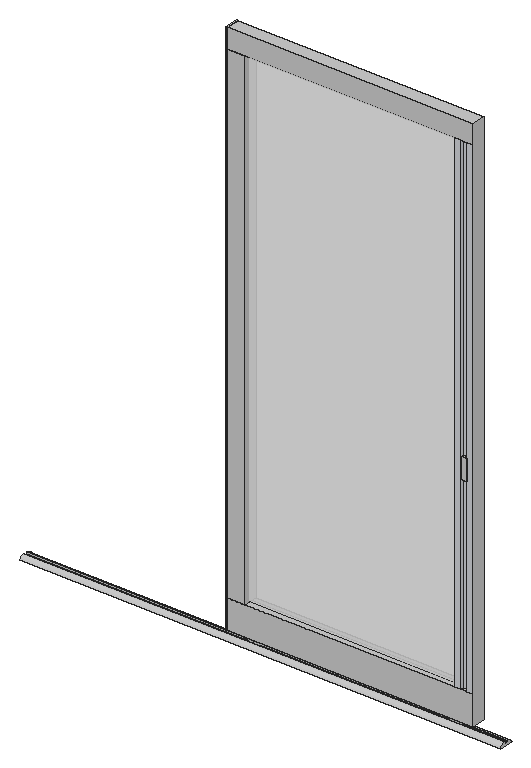
Revit family "Haworth_UniGroupToo_Panel_DoorSliding", category Furniture Systems, Revit 2018
Family settings
  Round Connector Dimension = Use Diameter
  Part Type = Normal
  OmniClass Number = 23.40.70.14.64.21
  OmniClass Title = Systems Furniture
  Work Plane-Based = No
  Always vertical = Yes
  Cut with Voids When Loaded = No
  Shared = No
  Room Calculation Point = No
Parameters (values of type "36w 80h")
  Width = 36"
  Warranty = "http://www.haworth.com/resources/product-info/warranties"
  URL - Product = "http://www.haworth.com/products/workspaces/panel-based/unigroup-too"
  URL = "www.haworth.com"
  Trim Finish = Haworth _ Metal _ Brushed Aluminum
  Trim Depth = 2"  # constant formula
  Top Trim Height = 2 3/4"  # constant formula
  Sustainability Info = "http://www.haworth.com/company-info/sustainability"
  Slide Offset Right = 4"  # constant formula
  Slide Offset Left = if(Actual Width > 37", 36", 30")  # 30"
  Size = "Verify Final Dim. w/ Haworth"  # constant formula
  Revision Number = "2"  # constant formula
  Raceway Panel Width = Actual Width  # 36"
  Pull Location = 27 3/8"  # constant formula
  Pull Length = 3"  # constant formula
  Notch Width = 109/128"  # constant formula
  Notch Depth = 1/2"  # constant formula
  Caster Reveal Height = 15/16"  # constant formula
  Panel Height = Actual Height - Top Trim Height - Slide Rail Height - Caster Reveal Height  # 75 55/64"
  Offset Front = 4 3/8"  # constant formula
  Model = "Haworth - UniGroup Too - Panel - Door - Sliding"  # constant formula
  Slide Rail Height = 29/64"  # constant formula
  Glazed Trim Sides = 2 3/4"  # constant formula
  Glazed Trim Inset = 3/128"  # constant formula
  Glazed Trim Height = 4 1/4"  # constant formula
  Glaze Inset = 3/4"  # constant formula
  Glass Finish = Haworth _ Glass _ Frosted
  Description = "Haworth - UniGroup Too - Panel - Door - Sliding"  # constant formula
  Custom Size = not(and(or(Width = 36", Width = 42"), or(Height = 64", Height = 72", Height = 80")))  # no
  Panel Depth = 1/2"  # constant formula
  Caster Radius = 2"  # constant formula
  Caster Offset = 3 3/8"  # constant formula
  Caster Bottom Offset = 1/4"  # constant formula
  Arrow Height = Actual Height / 2  # 40"
  Actual Width = if(Width < Min. Width, Min. Width, if(Width > Max. Width, Max. Width, Width))  # 36"
  Actual Height = if(Height < Min. Height, Min. Height, if(Height > Max. Height, Max. Height, Height))  # 80"
  Standard Widths = "36, 42 inches"  # constant formula
  Standard Heights = "64, 72, 80 inches"  # constant formula
  Min. Width = 36"  # constant formula
  Max. Width = 42"  # constant formula
  Min. Height = 64"  # constant formula
  Max. Height = 80"  # constant formula
  Manufacturer = "Haworth"  # constant formula
  Height = 80"
  Bottom Trim Width = 3/8"  # constant formula
  Author = "Haworth (Hampton)"  # constant formula
  Assembly Code = "E2020500"
Reference planes (in)
  plane 1 "Center F/B": y = 0
  plane 2: z = 0.45313
  plane 3 "Center L/R": x = 0.09607
  plane 4 "Left": x = -17.90393
  plane 5 "Right": x = 18.09607
  plane 6 "Front": y = -1
  plane 7 "Back": y = 1
  plane 8 "Raceway Top Back": z = 1.39063
  plane 9 "Top": z = 80
  plane 10 "Notch Front": y = -0.5
  plane 11 "Notch Back": y = 0.5
  plane 12 "Side Trim Left": x = -17.80393
  plane 13 "Side Trim Right": x = 17.99607
  plane 14 "Glazed Trim Back": y = 0.97656
  plane 15 "Glazed Trim Front": y = -0.97656
  plane 16 "Glaze Front": y = -0.25
  plane 17 "Glaze Back": y = 0.25
  plane 18 "Glaze Trim Left": x = -15.15393
  plane 19 "Glaze Trim Right": x = 15.34607
  plane 20 "Glaze Trim Bottom": z = 5.64063
  plane 21 "Glaze Trim Top": z = 77.25
  plane 22 "Notch Left": x = 16.19764
  plane 23 "Notch Right": x = 17.14451
  plane 24 "Pull Bottom": z = 33.01563
  plane 25 "Pull Top": z = 36.01563
  plane 26 "Caster Left": x = -14.52893
  plane 27 "Caster Right": x = 14.72107
  plane 28 "Caster Center": z = 2.25
  plane 29 "Caster Bottom": z = 0.25
  plane 30 "Slide Strip Left": x = -47.90393
  plane 31 "Slide Strip Right": x = 22.09607
  plane 32 "Arrow": z = 40
  plane 33: z = 0
Forms (in)
  Extrusion 1, solid, material "Haworth _ Metal _ Brushed Aluminum" <- "Trim Finish"
    sketch origin (0, -1, 0) x (-1, 0, 0) y (0, 0, 1)
      loop
        line (17.80393, 77.25) -> (15.15393, 77.25) -> (15.15393, 5.64063) -> (17.80393, 5.64063) -> (17.80393, 77.25)
    from 0.02344 to 1.97656
  Extrusion 2, solid, material "Haworth _ Metal _ Brushed Aluminum" <- "Trim Finish"
    sketch origin (0, -1, 0) x (-1, 0, 0) y (0, 0, 1)
      loop
        line (17.80393, 80) -> (-17.99607, 80) -> (-17.99607, 77.25) -> (17.80393, 77.25) -> (17.80393, 80)
      loop
        line (17.80393, 5.64063) -> (-17.99607, 5.64063) -> (-17.99607, 1.39063) -> (17.80393, 1.39063) -> (17.80393, 5.64063)
    from 0.02344 to 1.97656
  Extrusion 3, solid, material "Haworth _ Glass _ Frosted" <- "Glass Finish"
    sketch origin (0, 0, 0) x (1, 0, 0) y (0, 0, 1)
      loop
        line (-15.15393, 77.25) -> (-15.15393, 5.64063) -> (15.34607, 5.64063) -> (15.34607, 77.25) -> (-15.15393, 77.25)
    from -0.25 to 0.25
  Extrusion 4, solid, material "Haworth _ Metal _ Brushed Aluminum" <- "Trim Finish"
    sketch origin (0, 0, 0) x (1, 0, 0) y (0, 1, 0)
      loop
        line (-17.90393, 1) -> (-17.90393, -1) -> (-17.80393, -1) -> (-17.80393, 1) -> (-17.90393, 1)
      loop
        line (17.99607, 1) -> (17.99607, -1) -> (18.09607, -1) -> (18.09607, 1) -> (17.99607, 1)
    from 1.39062 to 80
  Extrusion 5, solid
    sketch origin (0, 0, 0) x (1, 0, 0) y (0, 1, 0)
      loop
        line (15.34607, 0.97656) -> (15.34607, -0.97656) -> (16.19764, -0.97656) -> (16.19764, -0.5) -> (17.14451, -0.5) -> (17.14451, -0.97656) -> (17.99607, -0.97656) -> (17.99607, 0.97656) -> (17.14451, 0.97656) -> (17.14451, 0.5) -> (16.19764, 0.5) -> (16.19764, 0.97656) -> (15.34607, 0.97656)
    from 5.64062 to 77.25
  Extrusion 6, solid, material "Haworth _ Metal _ Brushed Aluminum" <- "Trim Finish"
    sketch origin (0, 0, 0) x (1, 0, 0) y (0, 1, 0)
      loop
        line (16.19764, -0.5) -> (16.19764, -0.97656) -> (17.14451, -0.97656) -> (17.14451, -0.5) -> (16.19764, -0.5)
      loop
        line (16.19764, 0.97656) -> (16.19764, 0.5) -> (17.14451, 0.5) -> (17.14451, 0.97656) -> (16.19764, 0.97656)
    from 33.01563 to 36.01563
  Extrusion 7, solid, material "Haworth _ Metal _ Brushed Aluminum" <- "Trim Finish"
    sketch origin (18.09607, 0, 0) x (0, 1, 0) y (0, 0, 1)
      loop
        line (-1, 0) -> (0.9996, 0)
        arc (0.9996, 0) -> (0.6859, 0.32753) -> (0.25, 0.45271) r 0.87007
        line (0.25, 0.45271) -> (0.25, 0.25) -> (-0.25, 0.25) -> (-0.25, 0.45313)
        arc (-0.25, 0.45313) -> (-0.68617, 0.32782) -> (-1, 0) r 0.87048
    from -66 to 4
  Revolve 8, solid, material "Haworth _ Metal _ Brushed Aluminum" <- "Trim Finish"
    sketch origin (14.72107, 0, 0) x (0, 1, 0) y (0, 0, 1)
      loop
        arc (-0.25, 2.25) -> (-0.22987, 1.24652) -> (-0.11015, 0.25) r 10.09
        line (-0.11015, 0.25) -> (0.11015, 0.25)
        arc (0.11015, 0.25) -> (0.22987, 1.24652) -> (0.25, 2.25) r 10.09
        line (0.25, 2.25) -> (-0.25, 2.25)
      axis (-0.25, 2.25) -> (0.25, 2.25)
    angle from 0 to 360
  Revolve 9, solid, material "Haworth _ Metal _ Brushed Aluminum" <- "Trim Finish"
    sketch origin (-14.52893, 0, 0) x (0, 1, 0) y (0, 0, 1)
      loop
        arc (-0.25, 2.25) -> (-0.22987, 1.24652) -> (-0.11015, 0.25) r 10.09
        line (-0.11015, 0.25) -> (0.11015, 0.25)
        arc (0.11015, 0.25) -> (0.22987, 1.24652) -> (0.25, 2.25) r 10.09
        line (0.25, 2.25) -> (-0.25, 2.25)
      axis (-0.25, 2.25) -> (0.25, 2.25)
    angle from 0 to 360
Lines and regions (in)
  Masking region 1
    outline origin (0, 0, 0) x (1, 0, 0) y (0, 1, 0)
      loop
        line (-17.90393, 1) -> (-17.90393, -1) -> (18.09607, -1) -> (18.09607, 1) -> (-17.90393, 1)
  Masking region 2
    outline origin (0, 0, 0) x (1, 0, 0) y (0, 1, 0)
      loop
        line (-47.90393, 1) -> (-47.90393, -1) -> (-17.90393, -1) -> (-17.90393, 1) -> (-47.90393, 1)
  Masking region 3
    outline origin (0, 0, 0) x (1, 0, 0) y (0, 1, 0)
      loop
        line (18.09607, 1) -> (18.09607, -1) -> (22.09607, -1) -> (22.09607, 1) -> (18.09607, 1)
  symbolic lines, style "Haworth", detail levels fine
    curve 1: line (-15.15393, 0, 0) -> (15.34607, 0, 0)
  model lines, style "Haworth"
    curve 2: line (-5.90393, -1, 40) -> (6.09607, -1, 40)
    curve 3: line (-5.90393, -1, 40) -> (-4.66649, -1, 38.76256)
    curve 4: line (-5.90393, -1, 40) -> (-4.66649, -1, 41.23744)
Dimensions and locks (in)
  equal spacing: plane 4 "Left", plane 3 "Center L/R", plane 5 "Right"
  "Actual Width": plane 4 "Left" to plane 5 "Right"
  "Actual Height": plane 9 "Top" to level
  equal spacing: plane 7 "Back", plane 1 "Center F/B", plane 6 "Front"
  "Trim Depth": plane 7 "Back" to plane 6 "Front"
  "Caster Reveal Height": plane 8 "Raceway Top Back" to plane 2
  "Slide Rail Height": plane 2 to level
  locked: plane 5 "Right" to plane 13 "Side Trim Right" at 0.1
  locked: plane 12 "Side Trim Left" to plane 4 "Left" at 0.1
  "Glazed Trim Inset": plane 7 "Back" to plane 14 "Glazed Trim Back"
  "Glazed Trim Inset": plane 15 "Glazed Trim Front" to plane 6 "Front"
  "Glaze Inset": plane 7 "Back" to plane 17 "Glaze Back"
  "Glaze Inset": plane 16 "Glaze Front" to plane 6 "Front"
  "Glazed Trim Height": plane 20 "Glaze Trim Bottom" to plane 8 "Raceway Top Back"
  "Glazed Trim Sides": plane 18 "Glaze Trim Left" to plane 4 "Left"
  "Glazed Trim Sides": plane 5 "Right" to plane 19 "Glaze Trim Right"
  "Top Trim Height": plane 9 "Top" to plane 21 "Glaze Trim Top"
  "Notch Depth": plane 7 "Back" to plane 11 "Notch Back"
  "Notch Depth": plane 10 "Notch Front" to plane 6 "Front"
  "Notch Width": plane 19 "Glaze Trim Right" to plane 22 "Notch Left"
  "Notch Width": plane 23 "Notch Right" to plane 13 "Side Trim Right"
  "Pull Length": plane 25 "Pull Top" to plane 24 "Pull Bottom"
  "Pull Location": plane 24 "Pull Bottom" to plane 20 "Glaze Trim Bottom"
  "Caster Offset": plane 4 "Left" to plane 26 "Caster Left"
  "Caster Offset": plane 27 "Caster Right" to plane 5 "Right"
  "Caster Bottom Offset": plane 29 "Caster Bottom" to level
  "Caster Radius": plane 28 "Caster Center" to plane 29 "Caster Bottom"
  "Slide Offset Left": plane 30 "Slide Strip Left" to plane 4 "Left"
  "Slide Offset Right": plane 5 "Right" to plane 31 "Slide Strip Right"
  "Arrow Height": plane 32 "Arrow" to level
  aligned and locked: plane 18 "Glaze Trim Left" to Extrusion 1 sketch curve
  aligned: plane 15 "Glazed Trim Front" to Extrusion 1
  aligned: plane 14 "Glazed Trim Back" to Extrusion 1
  aligned and locked: plane 8 "Raceway Top Back" to Extrusion 2 sketch curve
  aligned and locked: Extrusion 2 sketch curve to plane 20 "Glaze Trim Bottom"
  aligned and locked: plane 21 "Glaze Trim Top" to Extrusion 2 sketch curve
  aligned and locked: plane 20 "Glaze Trim Bottom" to Extrusion 3 sketch curve
  aligned and locked: Extrusion 3 sketch curve to plane 19 "Glaze Trim Right"
  aligned and locked: Extrusion 3 sketch curve to plane 18 "Glaze Trim Left"
  aligned and locked: Extrusion 3 sketch curve to plane 21 "Glaze Trim Top"
  aligned and locked: plane 17 "Glaze Back" to Extrusion 3
  aligned and locked: plane 16 "Glaze Front" to Extrusion 3
  aligned and locked: plane 20 "Glaze Trim Bottom" to Extrusion 1 sketch curve
  aligned and locked: Extrusion 1 sketch curve to plane 21 "Glaze Trim Top"
  aligned and locked: plane 12 "Side Trim Left" to Extrusion 1 sketch curve
  aligned and locked: Extrusion 2 sketch curve to plane 12 "Side Trim Left"
  aligned and locked: Extrusion 2 sketch curve to plane 13 "Side Trim Right"  (x2)
  aligned and locked: plane 12 "Side Trim Left" to Extrusion 2 sketch curve
  aligned and locked: plane 6 "Front" to Extrusion 4 sketch curve  (x2)
  aligned and locked: Extrusion 4 sketch curve to plane 7 "Back"  (x2)
  aligned and locked: plane 4 "Left" to Extrusion 4 sketch curve
  aligned and locked: plane 12 "Side Trim Left" to Extrusion 4 sketch curve
  aligned and locked: Extrusion 4 sketch curve to plane 5 "Right"
  aligned and locked: plane 13 "Side Trim Right" to Extrusion 4 sketch curve
  aligned and locked: plane 9 "Top" to Extrusion 4
  aligned and locked: Extrusion 4 to plane 8 "Raceway Top Back"
  aligned and locked: Extrusion 2 sketch curve to plane 9 "Top"
  aligned and locked: plane 15 "Glazed Trim Front" to Extrusion 2
  aligned and locked: plane 14 "Glazed Trim Back" to Extrusion 2
  aligned: Extrusion 5 to plane 8 "Raceway Top Back"
  aligned and locked: plane 21 "Glaze Trim Top" to Extrusion 5
  aligned and locked: Extrusion 5 to plane 20 "Glaze Trim Bottom"
  aligned and locked: Extrusion 6 sketch curve to plane 23 "Notch Right"  (x2)
  aligned and locked: plane 22 "Notch Left" to Extrusion 6 sketch curve  (x2)
  aligned and locked: Extrusion 6 sketch curve to plane 15 "Glazed Trim Front"
  aligned and locked: plane 25 "Pull Top" to Extrusion 6
  aligned and locked: Extrusion 6 to plane 24 "Pull Bottom"
  aligned and locked: Extrusion 6 sketch curve to plane 10 "Notch Front"
  aligned and locked: Extrusion 6 sketch curve to plane 11 "Notch Back"
  aligned and locked: Extrusion 6 sketch curve to plane 14 "Glazed Trim Back"
  aligned and locked: plane 29 "Caster Bottom" to Extrusion 7 sketch curve
  aligned and locked: Extrusion 7 to plane 30 "Slide Strip Left"
  aligned and locked: plane 31 "Slide Strip Right" to Extrusion 7
  aligned and locked: Masking region 2 sketch curve to plane 7 "Back"
  aligned and locked: plane 6 "Front" to Masking region 2 sketch curve
  aligned and locked: Masking region 2 sketch curve to plane 4 "Left"
  aligned and locked: plane 30 "Slide Strip Left" to Masking region 2 sketch curve
  aligned and locked: plane 5 "Right" to Masking region 3 sketch curve
  aligned and locked: Masking region 3 sketch curve to plane 7 "Back"
  aligned and locked: plane 6 "Front" to Masking region 3 sketch curve
  aligned and locked: Masking region 3 sketch curve to plane 31 "Slide Strip Right"
  aligned and locked: plane 14 "Glazed Trim Back" to Extrusion 5  (x2)
  aligned and locked: plane 14 "Glazed Trim Back" to Extrusion 1
  aligned and locked: plane 15 "Glazed Trim Front" to Extrusion 5  (x2)
  aligned and locked: plane 15 "Glazed Trim Front" to Extrusion 1
  aligned and locked: Extrusion 7 to plane 33
  aligned and locked: Extrusion 7 to plane 16 "Glaze Front"
  aligned and locked: Extrusion 7 to plane 17 "Glaze Back"
Automatic sketch dimensions
  plane 1 "Center F/B" to curve 1 = 0"
  curve 1 to plane 18 "Glaze Trim Left" = 0"
  curve 1 to plane 19 "Glaze Trim Right" = 0"
  Masking region 1 sketch curve to plane 4 "Left" = 0"
  Masking region 1 sketch curve to plane 5 "Right" = 0"
  Masking region 1 sketch curve to plane 6 "Front" = 0"
  Masking region 1 sketch curve to plane 7 "Back" = 0"
  plane 14 "Glazed Trim Back" to Extrusion 5 sketch curve = 0"  (x2)
  Extrusion 5 sketch curve to plane 19 "Glaze Trim Right" = 0"
  plane 15 "Glazed Trim Front" to Extrusion 5 sketch curve = 0"  (x2)
  Extrusion 5 sketch curve to plane 22 "Notch Left" = 0"  (x2)
  plane 11 "Notch Back" to Extrusion 5 sketch curve = 0"
  Extrusion 5 sketch curve to plane 23 "Notch Right" = 0"  (x2)
  Extrusion 5 sketch curve to plane 13 "Side Trim Right" = 0"
  Extrusion 5 sketch curve to plane 10 "Notch Front" = 0"
  Extrusion 7 sketch curve to level = 0"
  Extrusion 7 sketch curve to plane 6 "Front" = 0"
  Extrusion 7 sketch curve to plane 2 = 0"
  Extrusion 7 sketch curve to plane 16 "Glaze Front" = 0"
  Extrusion 7 sketch curve to plane 2 = 0.00041"
  Extrusion 7 sketch curve to plane 17 "Glaze Back" = 0"
  Extrusion 7 sketch curve to plane 7 "Back" = 0.0004"
  Extrusion 7 sketch curve to plane 16 "Glaze Front" = 0.01396"
  Extrusion 7 sketch curve to plane 17 "Glaze Back" = 0.0139"
  Revolve 8 sketch curve to plane 28 "Caster Center" = 0"  (x2)
  Revolve 8 sketch curve to plane 16 "Glaze Front" = 0"
  Revolve 8 sketch curve to plane 29 "Caster Bottom" = 0"
  Revolve 8 sketch curve to plane 17 "Glaze Back" = 0"
  plane 6 "Front" to Revolve 8 sketch curve = 1.27769"
  plane 28 "Caster Center" to Revolve 8 sketch curve = 0.29964"  (x2)
  Revolve 8 sketch curve to Revolve 8 sketch curve = 7.55787"
  Revolve 8 sketch curve to plane 1 "Center F/B" = 0.11015"
  Revolve 8 sketch curve to plane 7 "Back" = 1.46566"
  Revolve 9 sketch curve to plane 28 "Caster Center" = 0"  (x2)
  Revolve 9 sketch curve to plane 16 "Glaze Front" = 0"
  Revolve 9 sketch curve to plane 29 "Caster Bottom" = 0"
  Revolve 9 sketch curve to plane 17 "Glaze Back" = 0"
  Revolve 9 sketch curve to plane 6 "Front" = 1.27769"
  Revolve 9 sketch curve to plane 28 "Caster Center" = 0.29964"  (x2)
  Revolve 9 sketch curve to Revolve 9 sketch curve = 7.55787"
  plane 1 "Center F/B" to Revolve 9 sketch curve = 0.11015"
  plane 7 "Back" to Revolve 9 sketch curve = 1.46566"
  curve 2 to plane 32 "Arrow" = 0"
  plane 3 "Center L/R" to curve 2 = 6"
  plane 32 "Arrow" to curve 4 = 1.23744"
  curve 4 to plane 3 "Center L/R" = 4.76256"
  curve 3 to plane 32 "Arrow" = 1.23744"
  curve 3 to curve 4 = 0"
